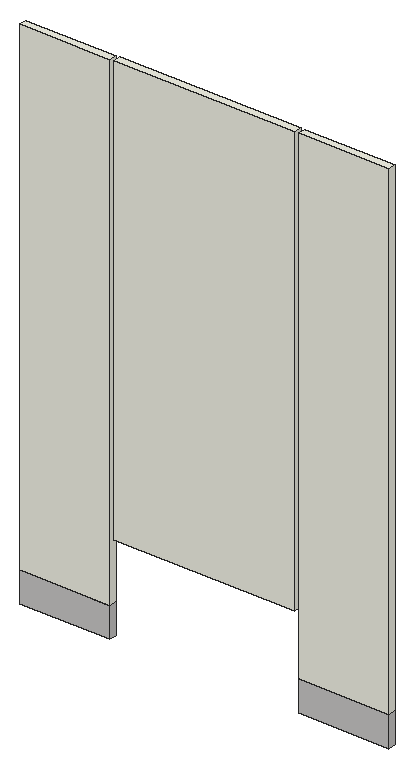
Revit family
Parameters (values of type "B-1541")
  URL = "http://www.bobrick.com"
  Partition Material = Laminated Plastic - Bobrick - Designer White
  Panel Value = if(DoorPanel Width < 1", 1", if(DoorPanel Width > 84", 84", DoorPanel Width))  # 24"
  Model = "B1541 ClassicSeries Floor-Anchored"
  Manufacturer = "Bobrick Washroom Equipment, Inc."
  Inswing Value = if(DoorPanel Width < 22", 22", if(DoorPanel Width > 37", 37", DoorPanel Width))  # 24"
  DoorPanel Width = 24"
  Right Stile Width = 12"
  Right Stile Visible = yes
  Right Stile Value = if(Right Stile Width < 3", 3", if(Right Stile Width > 24", 24", Right Stile Width))  # 12"
  Panel = not(Door Panel)  # no
  Outswing Value = if(DoorPanel Width < 25", 25", if(DoorPanel Width > 37", 37", DoorPanel Width))  # 25"
  Outswing = and(not(Inswing Visibility), Door Panel)  # no
  Left Stile Width = 12"
  Left Stile Visible = yes
  Left Stile Value = if(Left Stile Width < 3", 3", if(Left Stile Width > 24", 24", Left Stile Width))  # 12"
  Inswing Visibility = and(Inswing, Door Panel)  # yes
  Inswing = yes
  Width Value = if(Inswing Visibility, Inswing Value, if(Outswing, Outswing Value, if(Panel, Panel Value, 36")))  # 24"
  Door Panel = yes
  Description = "Partitions and Screens with Laminated Plastic Surfaces and Edges"
  Assembly Code = "C1030200"
  ADA Compliant = yes
Reference planes (in)
  plane 1 "Center (Front/Back)": y = 0
  plane 2: z = 0
  plane 3 "Center (Left/Right)": x = 0
  plane 4: x = -24.5
  plane 5: x = 24.5
  plane 6: y = 0.5
  plane 7: y = -0.5
  plane 8: x = -12.5
  plane 9: x = 12.5
  plane 10: x = -12
  plane 11: x = 12
  plane 12: z = 4
  plane 13: z = 12
  plane 14: z = 69
  plane 15: z = 40.5
  plane 16: y = 24.5
  plane 17: x = 11
Forms (in)
  Extrusion 1, solid, material "Laminated Plastic - Bobrick - Designer White" <- "Partition Material", visible <- "Left Stile Visible"
    sketch origin (0, 0, 0) x (1, 0, 0) y (0, 1, 0)
      loop
        line (-24.5, 0.5) -> (-24.5, -0.5) -> (-12.5, -0.5) -> (-12.5, 0.5) -> (-24.5, 0.5)
    from 4 to 69
  Extrusion 2, solid, material "Stainless Steel - Bobrick - Satin", visible <- "Left Stile Visible"
    sketch origin (0, 0, 0) x (1, 0, 0) y (0, 1, 0)
      loop
        line (-24.5, 0.5) -> (-24.5, -0.5) -> (-12.5, -0.5) -> (-12.5, 0.5) -> (-24.5, 0.5)
    from 0 to 4
  Extrusion 3, solid, material "Laminated Plastic - Bobrick - Designer White" <- "Partition Material"
    sketch origin (0, 0, 0) x (1, 0, 0) y (0, 1, 0)
      loop
        line (-12, 0.5) -> (-12, -0.5) -> (12, -0.5) -> (12, 0.5) -> (-12, 0.5)
    from 12 to 69
  Extrusion 4, solid, material "Laminated Plastic - Bobrick - Designer White" <- "Partition Material", visible <- "Right Stile Visible"
    sketch origin (0, 0, 0) x (-1, 0, 0) y (0, -1, 0)
      loop
        line (-24.5, -0.5) -> (-12.5, -0.5) -> (-12.5, 0.5) -> (-24.5, 0.5) -> (-24.5, -0.5)
    from 4 to 69
  Extrusion 5, solid, material "Stainless Steel - Bobrick - Satin", visible <- "Right Stile Visible"
    sketch origin (0, 0, 0) x (-1, 0, 0) y (0, -1, 0)
      loop
        line (-24.5, -0.5) -> (-12.5, -0.5) -> (-12.5, 0.5) -> (-24.5, 0.5) -> (-24.5, -0.5)
    from 0 to 4
Lines and regions (in)
  Masking region 1, visible <- "Left Stile Visible"
    outline origin (0, 0, 0) x (1, 0, 0) y (0, 0, 1)
      loop
        line (-24.5, 69) -> (-24.5, 0) -> (-12.5, 0) -> (-12.5, 69) -> (-24.5, 69)
  Masking region 2
    outline origin (0, 0, 0) x (1, 0, 0) y (0, 0, 1)
      loop
        line (-12, 69) -> (-12, 12) -> (12, 12) -> (12, 69) -> (-12, 69)
  Masking region 3, visible <- "Right Stile Visible"
    outline origin (0, 0, 0) x (1, 0, 0) y (0, 0, 1)
      loop
        line (12.5, 69) -> (12.5, 0) -> (24.5, 0) -> (24.5, 69) -> (12.5, 69)
  Masking region 4, visible <- "Door Panel"
    outline origin (0, 0, 0) x (1, 0, 0) y (0, 1, 0)
      loop
        line (11, 24.5) -> (11, 0.5) -> (12, 0.5) -> (12, 24.5) -> (11, 24.5)
  Masking region 5, visible <- "Left Stile Visible"
    outline origin (0, 0, 0) x (1, 0, 0) y (0, 1, 0)
      loop
        line (-24.5, 0.5) -> (-24.5, -0.5) -> (-12.5, -0.5) -> (-12.5, 0.5) -> (-24.5, 0.5)
  Masking region 6, visible <- "Right Stile Visible"
    outline origin (0, 0, 0) x (1, 0, 0) y (0, 1, 0)
      loop
        line (12.5, 0.5) -> (12.5, -0.5) -> (24.5, -0.5) -> (24.5, 0.5) -> (12.5, 0.5)
  Masking region 7, visible <- "Panel"
    outline origin (0, 0, 0) x (1, 0, 0) y (0, 1, 0)
      loop
        line (-12, -0.5) -> (12, -0.5) -> (12, 0.5) -> (-12, 0.5) -> (-12, -0.5)
  Masking region 8
    outline origin (0, 0, 0) x (0, 1, 0) y (0, 0, 1)
      loop
        line (0.5, 69) -> (-0.5, 69) -> (-0.5, 0) -> (0.5, 0) -> (0.5, 69)
  symbolic lines, visible <- "Left Stile Visible"
    curve 1: line (-24.5, 0, 4) -> (-12.5, 0, 4)
  symbolic lines, visible <- "Right Stile Visible"
    curve 2: line (12.5, 0, 4) -> (24.5, 0, 4)
  symbolic lines, style "Partition Elevation Swing", visible <- "Door Panel"
    curve 3: line (-12, 0, 69) -> (12, 0, 40.39791)
    curve 4: line (12, 0, 40.39791) -> (-12, 0, 12)
    curve 5: arc (-12, 0.5, 0) -> (-4.97056, 17.47056, 0) -> (12, 24.5, 0) r 24
  symbolic lines, style "Partition"
    curve 6: line (0, 0.5, 4) -> (0, -0.5, 4)
Dimensions and locks (in)
  equal spacing: host sketch curve, plane 1 "Center (Front/Back)", host sketch curve
  equal spacing: host sketch curve, plane 3 "Center (Left/Right)", host sketch curve
  host sketch curve to host sketch curve = 120"  (x2)
  locked: plane 8 to plane 10 at 0.5
  locked: plane 11 to plane 9 at 0.5
  "Width Value": plane 10 to plane 11
  equal spacing: plane 10, plane 3 "Center (Left/Right)", plane 11
  "Left Stile Value": plane 4 to plane 8
  "Right Stile Value": plane 9 to plane 5
  locked: plane 12 to level at 4
  locked: plane 13 to level at 12
  locked: plane 14 to level at 69
  locked: plane 6 to plane 7 at 1
  equal spacing: plane 6, plane 1 "Center (Front/Back)", plane 7
  equal spacing: plane 14, plane 15, plane 13
  "Width Value": plane 16 to plane 6
  locked: plane 17 to plane 11 at 1
  aligned and locked: level to plane 2
  aligned and locked: Extrusion 1 sketch curve to plane 6
  aligned and locked: plane 4 to Extrusion 1 sketch curve
  aligned and locked: plane 7 to Extrusion 1 sketch curve
  aligned and locked: Extrusion 1 sketch curve to plane 8
  aligned: Extrusion 1 to level
  aligned and locked: plane 14 to Extrusion 1
  aligned and locked: Extrusion 1 to plane 12
  aligned and locked: plane 4 to Extrusion 2 sketch curve
  aligned and locked: Extrusion 2 sketch curve to plane 6
  aligned and locked: Extrusion 2 sketch curve to plane 8
  aligned and locked: plane 7 to Extrusion 2 sketch curve
  aligned and locked: plane 12 to Extrusion 2
  aligned and locked: Extrusion 2 to level
  aligned and locked: plane 10 to Extrusion 3 sketch curve
  aligned and locked: Extrusion 3 sketch curve to plane 6
  aligned and locked: plane 7 to Extrusion 3 sketch curve
  aligned and locked: Extrusion 3 sketch curve to plane 11
  aligned and locked: plane 14 to Extrusion 3
  aligned and locked: Extrusion 3 to plane 13
  aligned and locked: Extrusion 5 sketch curve to plane 9
  aligned and locked: plane 6 to Extrusion 5 sketch curve
  aligned and locked: plane 5 to Extrusion 5 sketch curve
  aligned and locked: Extrusion 5 sketch curve to plane 7
  aligned and locked: Extrusion 4 sketch curve to plane 9
  aligned and locked: plane 6 to Extrusion 4 sketch curve
  aligned and locked: Extrusion 4 sketch curve to plane 7
  aligned and locked: plane 5 to Extrusion 4 sketch curve
  aligned and locked: plane 14 to Extrusion 4
  aligned and locked: Masking region 1 sketch curve to plane 14
  aligned and locked: Masking region 1 sketch curve to plane 4
  aligned and locked: Masking region 1 sketch curve to level
  aligned and locked: Masking region 1 sketch curve to plane 8
  aligned and locked: Masking region 2 sketch curve to plane 14
  aligned and locked: Masking region 2 sketch curve to plane 10
  aligned and locked: Masking region 2 sketch curve to plane 11
  aligned and locked: Masking region 2 sketch curve to plane 13
  aligned and locked: Masking region 3 sketch curve to plane 14
  aligned and locked: Masking region 3 sketch curve to plane 9
  aligned and locked: Masking region 3 sketch curve to plane 5
  aligned and locked: Masking region 3 sketch curve to level
  aligned and locked: curve 1 to plane 12
  aligned and locked: plane 4 to curve 1
  aligned and locked: plane 8 to curve 1
  aligned and locked: curve 2 to plane 12
  aligned and locked: plane 5 to curve 2
  aligned and locked: plane 9 to curve 2
  aligned and locked: plane 14 to curve 3
  aligned and locked: plane 10 to curve 3
  aligned and locked: plane 11 to curve 4
  aligned and locked: plane 10 to curve 4
  aligned and locked: plane 13 to curve 4
  aligned and locked: Masking region 4 sketch curve to plane 16
  aligned and locked: plane 17 to Masking region 4 sketch curve
  aligned and locked: plane 6 to Masking region 4 sketch curve
  aligned and locked: Masking region 4 sketch curve to plane 11
  aligned and locked: Masking region 5 sketch curve to plane 6
  aligned and locked: plane 4 to Masking region 5 sketch curve
  aligned and locked: plane 7 to Masking region 5 sketch curve
  aligned and locked: Masking region 5 sketch curve to plane 8
  aligned and locked: Masking region 6 sketch curve to plane 6
  aligned and locked: plane 9 to Masking region 6 sketch curve
  aligned and locked: plane 7 to Masking region 6 sketch curve
  aligned and locked: Masking region 6 sketch curve to plane 5
  aligned and locked: Masking region 4 to curve 5
  aligned and locked: plane 10 to curve 5
  aligned and locked: plane 6 to curve 5  (x2)
  aligned and locked: plane 11 to curve 5
  aligned and locked: Masking region 7 sketch curve to plane 7
  aligned and locked: Masking region 7 sketch curve to plane 10
  aligned and locked: plane 6 to Masking region 7 sketch curve
  aligned and locked: plane 11 to Masking region 7 sketch curve
  aligned and locked: level to Masking region 8 sketch curve
  aligned and locked: Masking region 8 sketch curve to plane 14
  aligned and locked: Masking region 8 sketch curve to plane 6
  aligned and locked: plane 7 to Masking region 8 sketch curve
  aligned and locked: plane 12 to curve 6
  aligned and locked: plane 7 to curve 6
  aligned and locked: plane 6 to curve 6
  aligned and locked: Extrusion 5 to level
  aligned and locked: Extrusion 4 to plane 12
  aligned and locked: plane 12 to Extrusion 5
Automatic sketch dimensions
  curve 4 to plane 15 = 0.10209"
